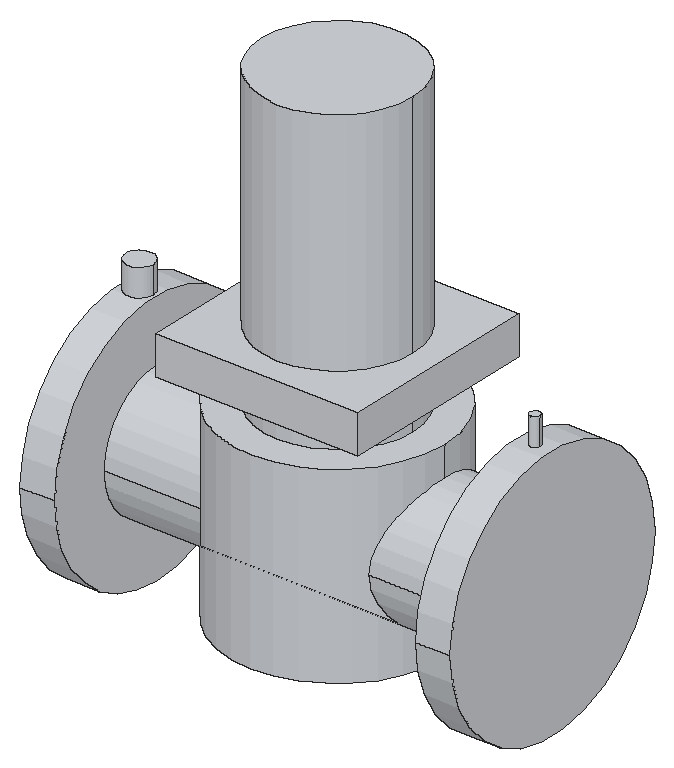
Revit family "PV_Compact_PN16_DN150_(20-100kPa)_RFA_2019", category Pipe Accessories, Revit 2019
Family settings
  Round Connector Dimension = Use Diameter
  Part Type = Valve - Breaks Into
  Work Plane-Based = No
  Always vertical = Yes
  Cut with Voids When Loaded = No
  Shared = No
Parameters (values of type "PV Compact PN16 DN150 (20-100kPa)")
  magiProductId = "c042f62d475c462ea84624600fc620"
  magiProductFamilyId = "23d1f353e6b1477a88f64fef0dfa1d"
  magiPartTypeId = 304
  isMeasuringValve [instance] = no
  ang2D [instance] = 0.00°
  W2D = 50 mm
  VersionID = "2.0/2018.12.13.2/FRESE_PV_COMPACT_BIG_Q13_001"
  Use Minimum Symbol Size [instance] = no
  URL = "www.hydronic.cz"
  Type Comments = "PŘÍRUBOVÝ; PN16; dpmax=1000kPa; -10~+120°C"
  R4 = 84 mm
  R3 = 74.1 mm
  R1 = 120 mm
  QmdConnectorList = "301;D;302;D"
  Productdata [instance] = ""
  Manufacturer = "Hydronic Systems Prague s.r.o."
  Maintenance Zone Under Depth [instance] = 100 mm
  Maintenance Zone Right Depth [instance] = 100 mm
  Maintenance Zone Over Depth [instance] = 100 mm
  Maintenance Zone Left Depth [instance] = 100 mm
  Maintenance Zone Front Depth [instance] = 100 mm
  Maintenance Zone Back Depth [instance] = 100 mm
  Maintenance Zone Front Visibility [instance] = no
  MC Use Limits From Balancing Method = no
  MC Throttling Minimum Value = 0
  MC Throttling Maximum Value = 0
  MC Product Code = "53-3315 DN150 PN16; nastavitelný rozsah dp=20~100kPa; Q=28,0~112 m3/h;  kvs=250"
  MC Pressure Drop Minimum Value = 0.0 Pa
  MC Pressure Drop Maximum Value = 0.0 Pa
  MC Piping Given Pressure Drop [instance] = 0.0 Pa
  LF__ve = -LF  # -38.4 mm
  LF2 = 19.2 mm
  LF = 38.4 mm
  L4 = 225.6 mm
  L3 = 403.2 mm
  L2D_Min = 30.48 mm
  L2D = 230 mm
  L2 = 240 mm
  H6 = 256.25 mm
  H4 = 42.75 mm
  H3 = 35.625 mm
  H2 = 106.875 mm
  H1 = 213.75 mm
  Description = "Nastavitelný regulátor tlakové diference"
  DF2 = 142.5 mm
  D = 150 mm
  Clearance Zone Height Depth [instance] = 100 mm
  Clearance Zone Circular Radius [instance] = 240 mm
  Clearance Zone Visibility [instance] = no
  CAT0 = yes
Types (7, lengths in mm): name | magiProductId | Type Comments | R4 | R3 | R1 | MC Product Code | LF__ve | LF2 | LF | L4 | L3 | L2 | H6 | H4 | H3 | H2 | H1 | DF2 | D | Clearance Zone Circular Radius
  PV Compact PN16 DN050 (20-100kPa) | "00877ad72a9f485bb97ca64af9b4c2" | "PŘÍRUBOVÝ; PN16; dpmax=1000kPa; -10~+120°C" | 40.25 | 42.9 | 57.5 | "53-3300 DN50 PN16; nastavitelný rozsah dp=20~100kPa; Q=3,2~13 m3/h;  kvs=29" | -18.4 | 9.2 | 18.4 | 108.1 | 193.2 | 115 | 82.25 | 24.75 | 20.625 | 61.875 | 123.75 | 82.5 | 50 | 115
  PV Compact PN16 DN065 (20-100kPa) | "4caf92840fdb43d88ad3b460526bbd" | "PŘÍRUBOVÝ; PN16; dpmax=1000kPa; -10~+120°C" | 50.75 | 48.1 | 72.5 | "53-3303 DN65 PN16; nastavitelný rozsah dp=20~100kPa; Q=4,7~18,8 m3/h;  kvs=42" | -23.2 | 11.6 | 23.2 | 136.3 | 243.6 | 145 | 105.25 | 27.75 | 23.125 | 69.375 | 138.75 | 92.5 | 65 | 145
  PV Compact PN16 DN080 (20-100kPa) | "fe1ae4728650433e927a6ac465ecb1" | "PŘÍRUBOVÝ; PN16; dpmax=1000kPa; -10~+120°C" | 54.25 | 52 | 77.5 | "53-3306 DN80 PN16; nastavitelný rozsah dp=20~100kPa; Q=7,5~30 m3/h;  kvs=67" | -24.8 | 12.4 | 24.8 | 145.7 | 260.4 | 155 | 141 | 30 | 25 | 75 | 150 | 100 | 80 | 155
  PV Compact PN16 DN100 (20-100kPa) | "9ee8abb4b353443d9e820e5bd3bf33" | "PŘÍRUBOVÝ; PN16; dpmax=1000kPa; -10~+120°C" | 61.25 | 61.1 | 87.5 | "53-3309 DN100 PN16; nastavitelný rozsah dp=20~100kPa; Q=12,9~51,4 m3/h;  kvs=115" | -28 | 14 | 28 | 164.5 | 294 | 175 | 234.75 | 35.25 | 29.375 | 88.125 | 176.25 | 117.5 | 100 | 175
  PV Compact PN16 DN125 (20-100kPa) | "e22e3bcdfcda477085ce507150ab41" | "PŘÍRUBOVÝ; PN16; dpmax=1000kPa; -10~+120°C" | 70 | 70.2 | 100 | "53-3312 DN125 PN16; nastavitelný rozsah dp=20~100kPa; Q=19,0~76,0 m3/h;  kvs=170" | -32 | 16 | 32 | 188 | 336 | 200 | 225.5 | 40.5 | 33.75 | 101.25 | 202.5 | 135 | 125 | 200
  PV Compact PN16 DN150 (20-100kPa) | "c042f62d475c462ea84624600fc620" | "PŘÍRUBOVÝ; PN16; dpmax=1000kPa; -10~+120°C" | 84 | 74.1 | 120 | "53-3315 DN150 PN16; nastavitelný rozsah dp=20~100kPa; Q=28,0~112 m3/h;  kvs=250" | -38.4 | 19.2 | 38.4 | 225.6 | 403.2 | 240 | 256.25 | 42.75 | 35.625 | 106.875 | 213.75 | 142.5 | 150 | 240
  PV Compact PN16 DN200 (20-100kPa) | "073b87d1a570497386745af6d59d88" | "PŘÍRUBOVÝ; PN16; dpmax=1000kPa; -10~+110°C" | 105 | 98.8 | 150 | "53-3318 DN200 PN16; nastavitelný rozsah dp=20~100kPa; Q=30,7~123 m3/h;  kvs=275" | -48 | 24 | 48 | 282 | 504 | 300 | 150 | 57 | 47.5 | 142.5 | 285 | 190 | 200 | 300
Reference planes
  plane 1 "Center (Front/Back)": y = 0
  plane 2 "XYPLANE": z = 0
  plane 3 "Center (Left/Right)": x = 0
  plane 4 "257": y = -142.5
  plane 5 "256": y = 142.5
  plane 6 "255": z = -142.5
  plane 7 "254": y = -242.5
  plane 8 "253": y = 242.5
  plane 9 "252": x = -340
  plane 10 "251": x = 340
  plane 11 "250": z = 541.5
  plane 12 "249": z = -242.5
  plane 13 "248": z = 541.5
  plane 14 "247": z = 441.5
  plane 15 "157": x = 220.8
  plane 16 "156": x = -220.8
  plane 17 "155": z = 142.5
  plane 18 "154": z = 185.25
  plane 19 "153": z = 142.5
  plane 20 "152": z = 106.875
  plane 21 "151": x = -201.6
  plane 22 "150": z = -106.875
  plane 23 "149": x = 0
  plane 24 "148": y = 0
  plane 25 "147": z = 0
  plane 26 "146": x = -240
  plane 27 "145": x = 240
Forms (mm)
  Blend 1, solid, visible <- "Maintenance Zone Front Visibility"
    base sketch origin (-750, 0, -242.5) x (1, 0, 0) y (0, 1, 0)
      loop
        line (410, 242.5) -> (410, -242.5) -> (1090, -242.5) -> (1090, 242.5) -> (410, 242.5)
    top sketch origin (-750, 0, -242.5) x (1, 0, 0) y (0, 1, 0)
      loop
        line (410, 242.5) -> (410, -242.5) -> (1090, -242.5) -> (1090, 242.5) -> (410, 242.5)
    from 0 to 784
  Blend 2, solid, visible <- "Clearance Zone Visibility"
    base sketch origin (-750, 0, 0) x (1, 0, 0) y (0, 1, 0)
      loop
        circle (750, 0) r 240
    top sketch origin (-750, 0, 0) x (1, 0, 0) y (0, 1, 0)
      loop
        circle (750, 0) r 240
    from 0 to 541.5
  Extrusion 3, solid, visible <- "CAT0"
    sketch origin (-750, 0, 142.5) x (1, 0, 0) y (0, 1, 0)
      loop
        circle (970.8, 0) r 5.5
    from 0 to 30
  Extrusion 4, solid, visible <- "CAT0"
    sketch origin (-750, 0, 142.5) x (1, 0, 0) y (0, 1, 0)
      loop
        circle (529.2, 0) r 15.5
    from 0 to 30
  Extrusion 5, solid
    sketch origin (-750, 0, 185.25) x (1, 0, 0) y (0, 1, 0)
      loop
        circle (750, 0) r 84
    from 0 to 256.25 <- "H6"
  Extrusion 6, solid, visible <- "CAT0"
    sketch origin (-750, 0, 142.5) x (1, 0, 0) y (0, 1, 0)
      loop
        line (862.8, 112.8) -> (637.2, 112.8) -> (637.2, -112.8) -> (862.8, -112.8) -> (862.8, 112.8)
    from 0 to 42.75 <- "H4"
  Extrusion 7, solid, visible <- "CAT0"
    sketch origin (-750, 0, 106.875) x (1, 0, 0) y (0, 1, 0)
      loop
        circle (750, 0) r 84
    from 0 to 35.625 <- "H3"
  Extrusion 8, solid, visible <- "CAT0"
    sketch origin (-201.6, -750, 0) x (0, 1, 0) y (0, 0, 1)
      loop
        circle (750, 0) r 74.1
    from 0 to 403.2 <- "L3"
  Extrusion 9, solid, visible <- "CAT0"
    sketch origin (-750, 0, -106.875) x (1, 0, 0) y (0, 1, 0)
      loop
        circle (750, 0) r 120
    from 0 to 213.75 <- "H1"
  Extrusion 10, solid, visible <- "CAT0"
    sketch origin (-240, -750, 0) x (0, 1, 0) y (0, 0, 1)
      loop
        circle (750, 0) r 142.5
    from 0 to 38.4 <- "LF"
  Extrusion 11, solid, visible <- "CAT0"
    sketch origin (240, -750, 0) x (0, 1, 0) y (0, 0, 1)
      loop
        circle (750, 0) r 142.5
    from 0 to -38.4 <- "LF__ve"
  Extrusion 12, solid, not visible
    sketch origin (-240, -750, 0) x (0, 1, 0) y (0, 0, 1)
      loop
        circle (750, 0) r 10
    from 0 to 10
  Extrusion 13, solid, not visible
    sketch origin (240, -750, 0) x (0, 1, 0) y (0, 0, 1)
      loop
        circle (750, 0) r 10
    from 0 to -10
Lines and regions (mm)
  reference lines, not visible
    curve 1: circle (2, 2, 0) r 1 normal (0, 0, 1)
  reference lines
    curve 2: circle (0, 0, 142.5) r 1 normal (0, 0, 1)
Dimensions and locks
  plane 1 "Center (Front/Back)" to curve 1 = 2 mm
  "DF2": plane 24 "148" to plane 4 "257"
  "DF2": plane 24 "148" to plane 5 "256"
  "DF2": plane 25 "147" to plane 6 "255"
  "Maintenance Zone Front Depth": plane 4 "257" to plane 7 "254"
  "Maintenance Zone Back Depth": plane 5 "256" to plane 8 "253"
  "Maintenance Zone Left Depth": plane 26 "146" to plane 9 "252"
  "Maintenance Zone Right Depth": plane 27 "145" to plane 10 "251"
  "Maintenance Zone Over Depth": plane 14 "247" to plane 11 "250"
  "Maintenance Zone Under Depth": plane 6 "255" to plane 12 "249"
  "Clearance Zone Height Depth": plane 14 "247" to plane 13 "248"
  "H6": plane 18 "154" to plane 14 "247"
  "LF2": plane 27 "145" to plane 15 "157"
  "LF2": plane 26 "146" to plane 16 "156"
  "DF2": plane 2 "XYPLANE" to plane 17 "155"
  "H4": plane 19 "153" to plane 18 "154"
  "H3": plane 20 "152" to plane 19 "153"
  "H1": plane 22 "150" to plane 20 "152"
  "LF": plane 26 "146" to plane 21 "151"
  "H2": plane 2 "XYPLANE" to plane 22 "150"
  locked: plane 3 "Center (Left/Right)" to plane 23 "149"
  locked: plane 1 "Center (Front/Back)" to plane 24 "148"
  locked: plane 2 "XYPLANE" to plane 25 "147"
  "L2": plane 3 "Center (Left/Right)" to plane 26 "146"
  "L2": plane 3 "Center (Left/Right)" to plane 27 "145"
  Blend 1 sketch curve to Blend 1 sketch curve = 0 mm  (x16)
  equal spacing: Extrusion 6 sketch curve, curve 2, Extrusion 6 sketch curve  (x2)
  "L4": Extrusion 6 sketch curve to Extrusion 6 sketch curve  (x2)
  Extrusion 6 sketch curve to Extrusion 6 sketch curve = 0 mm  (x8)
  "Clearance Zone Circular Radius": radius of Blend 2 sketch curve  (x2)
  "R4": radius of Extrusion 5 sketch curve
  "R4": radius of Extrusion 7 sketch curve
  "R3": radius of Extrusion 8 sketch curve
  "R1": radius of Extrusion 9 sketch curve
  "DF2": radius of Extrusion 10 sketch curve
  "DF2": radius of Extrusion 11 sketch curve
  aligned and locked: level to plane 2 "XYPLANE"
  aligned and locked: Blend 1 sketch curve to plane 8 "253"  (x2)
  aligned and locked: plane 9 "252" to Blend 1 sketch curve  (x4)
  aligned and locked: plane 10 "251" to Blend 1 sketch curve  (x4)
  aligned and locked: plane 8 "253" to Blend 1 sketch curve  (x2)
  aligned and locked: plane 7 "254" to Blend 1 sketch curve  (x4)
  aligned and locked: plane 11 "250" to Blend 1
  aligned and locked: plane 23 "149" to Blend 2 sketch curve  (x2)
  aligned and locked: plane 24 "148" to Blend 2 sketch curve  (x2)
  aligned and locked: plane 13 "248" to Blend 2
  aligned and locked: plane 15 "157" to Extrusion 3 sketch curve
  aligned and locked: plane 24 "148" to Extrusion 3 sketch curve
  aligned and locked: plane 16 "156" to Extrusion 4 sketch curve
  aligned and locked: plane 24 "148" to Extrusion 4 sketch curve
  aligned and locked: plane 23 "149" to Extrusion 5 sketch curve
  aligned and locked: plane 24 "148" to Extrusion 5 sketch curve
  aligned and locked: plane 23 "149" to curve 2
  aligned and locked: plane 24 "148" to curve 2
  aligned and locked: plane 23 "149" to Extrusion 7 sketch curve
  aligned and locked: plane 24 "148" to Extrusion 7 sketch curve
  aligned and locked: Extrusion 8 sketch curve to plane 24 "148"
  aligned and locked: plane 25 "147" to Extrusion 8 sketch curve
  aligned and locked: plane 23 "149" to Extrusion 9 sketch curve
  aligned and locked: plane 24 "148" to Extrusion 9 sketch curve
  aligned and locked: Extrusion 10 sketch curve to plane 24 "148"
  aligned and locked: plane 25 "147" to Extrusion 10 sketch curve
  aligned and locked: Extrusion 11 sketch curve to plane 24 "148"
  aligned and locked: plane 25 "147" to Extrusion 11 sketch curve
  aligned and locked: Extrusion 12 sketch curve to plane 24 "148"
  aligned and locked: plane 25 "147" to Extrusion 12 sketch curve
  aligned and locked: Extrusion 13 sketch curve to plane 24 "148"
  aligned and locked: plane 25 "147" to Extrusion 13 sketch curve
Automatic sketch dimensions
  Extrusion 3 sketch curve to plane 15 "157" = 5.5 mm
  plane 26 "146" to Extrusion 4 sketch curve = 3.7 mm
  plane 1 "Center (Front/Back)" to Extrusion 12 sketch curve = 10 mm
  plane 1 "Center (Front/Back)" to Extrusion 13 sketch curve = 10 mm
  plane 3 "Center (Left/Right)" to curve 1 = 2 mm
  Extrusion 6 sketch curve to plane 5 "256" = 29.7 mm
  plane 21 "151" to Extrusion 6 sketch curve = 88.8 mm
  radius of curve 2 = 1 mm
  radius of curve 1 = 1 mm
Connectors
  piping at (-240, 0, 0), diameter 150, driven by "D"
    settings: on Extrusion 12, index 1, connector inside diameter 609.6 mm, connector length 0 mm, flow factor 0, pipe flow 0.0 L/s, pressure drop 0.0 Pa, fitting loss kfactor 0, connector angle 0.00°, fixture units 0, engagement length 0 mm, angle of deflection 0.00°, flow configuration 0, flow direction 0, fitting loss method 0, system type 29, joint type 0, gender type 0, connector reference index 2, connector utility 0, adjustable connector no, is connector primary yes, connector description ""
  piping at (240, 0, 0), diameter 150, driven by "D"
    settings: on Extrusion 13, index 2, connector inside diameter 609.6 mm, connector length 0 mm, flow factor 0, pipe flow 0.0 L/s, pressure drop 0.0 Pa, fitting loss kfactor 0, connector angle 0.00°, fixture units 0, engagement length 0 mm, angle of deflection 0.00°, flow configuration 0, flow direction 0, fitting loss method 0, system type 29, joint type 0, gender type 0, connector reference index 1, connector utility 0, adjustable connector no, is connector primary no, connector description ""
